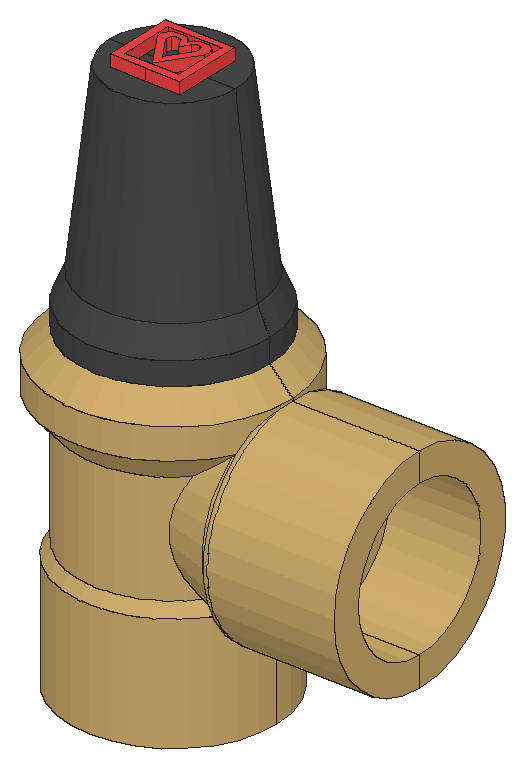
Revit family "pressure Relief safety valve 26xx", category Rohrzubehör, Revit 2018
Family settings
  Bemaßung runder Anschluss = Durchmesser verwenden
  Teiletyp = Normal
  OmniClass-Nummer = 23.65.55.14
  OmniClass-Titel = Valves for Liquid Services
  Arbeitsebenenbasiert = Nein
  Immer vertikal = Ja
  Beim Laden mit Abzugskörper schneiden = Nein
  Gemeinsam genutzt = Nein
Parameters (values of type "PN8")
  min. Temperature = 0 °C  # constant formula
  max. Temperature = 110 °C  # constant formula
  Weight [instance] = if(PN1.8, size_lookup("26XX_PN1.8", "Gewicht", 0.19, Nennweite), if(PN2.5, size_lookup("26XX_PN2.5", "Gewicht", 0.19, Nennweite), if(PN3, size_lookup("26XX_PN3", "Gewicht", 0.19, Nennweite), if(PN4, size_lookup("26XX_PN4", "Gewicht", 0.19, Nennweite), if(PN5, size_lookup("26XX_PN5", "Gewicht", 0.19, Nennweite), if(PN6, size_lookup("26XX_PN6", "Gewicht", 0.19, Nennweite), if(PN8, size_lookup("26XX_PN8", "Gewicht", 0.19, Nennweite), size_lookup("26XX_PN10", "Gewicht", 269501, Nennweite))))))))  # 0.118
  WS01 = 70.00°  # constant formula
  URL = "www.herzvalves.com"
  Spring = "spring steel W.Nr. 1.4310"  # constant formula
  SCRNSEQ = "AWI;AWI_TYP=\"1015\";2"
  SCRNCODE = "05;21;02"  # constant formula
  S03 = 10.5000 mm  # constant formula
  S02 [instance] = H02 + H05  # 47.5000 mm
  S01 = 8.0000 mm  # constant formula
  R11 = 1.0000 mm  # constant formula
  R10 [instance] = (Nennweite Aus / 2) + 3.8000 mm  # 13.8000 mm
  R09 [instance] = Nennweite Aus / 2  # 10.0000 mm
  R08 [instance] = (Nennweite / 2) + 3.5000 mm  # 11.0000 mm
  R07 [instance] = R08 - 2.8000 mm  # 8.2000 mm
  R06 [instance] = Nennweite / 2  # 7.5000 mm
  R05 [instance] = Nennweite / 2  # 7.5000 mm
  R04 [instance] = if(PN1.8, size_lookup("26XX_PN1.8", "SW", 40.0000 mm, Nennweite), if(PN2.5, size_lookup("26XX_PN2.5", "SW", 40.0000 mm, Nennweite), if(PN3, size_lookup("26XX_PN3", "SW", 40.0000 mm, Nennweite), if(PN4, size_lookup("26XX_PN4", "SW", 40.0000 mm, Nennweite), if(PN5, size_lookup("26XX_PN5", "SW", 40.0000 mm, Nennweite), if(PN6, size_lookup("26XX_PN6", "SW", 40.0000 mm, Nennweite), if(PN8, size_lookup("26XX_PN8", "SW", 40.0000 mm, Nennweite), size_lookup("26XX_PN10", "SW", 269501.0000 mm, Nennweite))))))))  # 13.5000 mm
  R03 [instance] = (Nennweite / 2) + 5.0000 mm  # 12.5000 mm
  R02 [instance] = R04 + 2.0000 mm  # 15.5000 mm
  Part number [instance] = if(PN1.8, size_lookup("26XX_PN1.8", "Artnr", 0, Nennweite), if(PN2.5, size_lookup("26XX_PN2.5", "Artnr", 0, Nennweite), if(PN3, size_lookup("26XX_PN3", "Artnr", 0, Nennweite), if(PN4, size_lookup("26XX_PN4", "Artnr", 0, Nennweite), if(PN5, size_lookup("26XX_PN5", "Artnr", 0, Nennweite), if(PN6, size_lookup("26XX_PN6", "Artnr", 0, Nennweite), if(PN8, size_lookup("26XX_PN8", "Artnr", 0, Nennweite), size_lookup("26XX_PN10", "Artnr", 0, Nennweite))))))))  # 1268501
  PN8 = yes
  PN6 = no
  PN5 = no
  PN4 = no
  PN3 = no
  PN2.5 = no
  PN10 = no
  PN1.8 = no
  Nennweite Aus [instance] = if(PN1.8, size_lookup("26XX_PN1.8", "DN1", 38.1000 mm, Nennweite), if(PN2.5, size_lookup("26XX_PN2.5", "DN1", 38.1000 mm, Nennweite), if(PN3, size_lookup("26XX_PN3", "DN1", 38.1000 mm, Nennweite), if(PN4, size_lookup("26XX_PN4", "DN1", 38.1000 mm, Nennweite), if(PN5, size_lookup("26XX_PN5", "DN1", 38.1000 mm, Nennweite), if(PN6, size_lookup("26XX_PN6", "DN1", 38.1000 mm, Nennweite), if(PN8, size_lookup("26XX_PN8", "DN1", 38.1000 mm, Nennweite), size_lookup("26XX_PN10", "DN1", 38.1000 mm, Nennweite))))))))  # 20.0000 mm
  Nennweite [instance] = 15.0000 mm
  Name plate = "plastic PA6"  # constant formula
  Medium = "water purity in accordance with the ÖNORM H 5195 and VDI 2035 standards"
  Lid = "plastic PA6 (DN15-20), CW617N (DN25-32)"  # constant formula
  LO1 [instance] = H02 + H05 - 1.0000 mm  # 46.5000 mm
  L02 [instance] = if(PN1.8, size_lookup("26XX_PN1.8", "L2", 17.5000 mm, Nennweite), if(PN2.5, size_lookup("26XX_PN2.5", "L2", 17.5000 mm, Nennweite), if(PN3, size_lookup("26XX_PN3", "L2", 17.5000 mm, Nennweite), if(PN4, size_lookup("26XX_PN4", "L2", 17.5000 mm, Nennweite), if(PN5, size_lookup("26XX_PN5", "L2", 17.5000 mm, Nennweite), if(PN6, size_lookup("26XX_PN6", "L2", 17.5000 mm, Nennweite), if(PN8, size_lookup("26XX_PN8", "L2", 17.5000 mm, Nennweite), size_lookup("26XX_PN10", "L2", 269501.0000 mm, Nennweite))))))))  # 17.5000 mm
  L01 [instance] = if(PN1.8, size_lookup("26XX_PN1.8", "L1", 12.0000 mm, Nennweite), if(PN2.5, size_lookup("26XX_PN2.5", "L1", 12.0000 mm, Nennweite), if(PN3, size_lookup("26XX_PN3", "L1", 12.0000 mm, Nennweite), if(PN4, size_lookup("26XX_PN4", "L1", 12.0000 mm, Nennweite), if(PN5, size_lookup("26XX_PN5", "L1", 12.0000 mm, Nennweite), if(PN6, size_lookup("26XX_PN6", "L1", 12.0000 mm, Nennweite), if(PN8, size_lookup("26XX_PN8", "L1", 12.0000 mm, Nennweite), size_lookup("26XX_PN10", "L1", 269501.0000 mm, Nennweite))))))))  # 12.0000 mm
  L00 [instance] = if(PN1.8, size_lookup("26XX_PN1.8", "L", 52.0000 mm, Nennweite), if(PN2.5, size_lookup("26XX_PN2.5", "L", 52.0000 mm, Nennweite), if(PN3, size_lookup("26XX_PN3", "L", 52.0000 mm, Nennweite), if(PN4, size_lookup("26XX_PN4", "L", 52.0000 mm, Nennweite), if(PN5, size_lookup("26XX_PN5", "L", 52.0000 mm, Nennweite), if(PN6, size_lookup("26XX_PN6", "L", 52.0000 mm, Nennweite), if(PN8, size_lookup("26XX_PN8", "L", 52.0000 mm, Nennweite), size_lookup("26XX_PN10", "L", 269501.0000 mm, Nennweite))))))))  # 32.0000 mm
  Internal threaded connectors = "acc. to ISO 228-1"  # constant formula
  H08 [instance] = if(PN1.8, size_lookup("26XX_PN1.8", "H8", 21.0000 mm, Nennweite), if(PN2.5, size_lookup("26XX_PN2.5", "H8", 21.0000 mm, Nennweite), if(PN3, size_lookup("26XX_PN3", "H8", 21.0000 mm, Nennweite), if(PN4, size_lookup("26XX_PN4", "H8", 21.0000 mm, Nennweite), if(PN5, size_lookup("26XX_PN5", "H8", 21.0000 mm, Nennweite), if(PN6, size_lookup("26XX_PN6", "H8", 21.0000 mm, Nennweite), if(PN8, size_lookup("26XX_PN8", "H8", 21.0000 mm, Nennweite), size_lookup("26XX_PN10", "H8", 269501.0000 mm, Nennweite))))))))  # 6.5000 mm
  H07 [instance] = if(PN1.8, size_lookup("26XX_PN1.8", "H7", 3.0000 mm, Nennweite), if(PN2.5, size_lookup("26XX_PN2.5", "H7", 3.0000 mm, Nennweite), if(PN3, size_lookup("26XX_PN3", "H7", 3.0000 mm, Nennweite), if(PN4, size_lookup("26XX_PN4", "H7", 3.0000 mm, Nennweite), if(PN5, size_lookup("26XX_PN5", "H7", 3.0000 mm, Nennweite), if(PN6, size_lookup("26XX_PN6", "H7", 3.0000 mm, Nennweite), if(PN8, size_lookup("26XX_PN8", "H7", 3.0000 mm, Nennweite), size_lookup("26XX_PN10", "H7", 269501.0000 mm, Nennweite))))))))  # 3.0000 mm
  H06 [instance] = if(PN1.8, size_lookup("26XX_PN1.8", "H6", 15.0000 mm, Nennweite), if(PN2.5, size_lookup("26XX_PN2.5", "H6", 15.0000 mm, Nennweite), if(PN3, size_lookup("26XX_PN3", "H6", 15.0000 mm, Nennweite), if(PN4, size_lookup("26XX_PN4", "H6", 15.0000 mm, Nennweite), if(PN5, size_lookup("26XX_PN5", "H6", 15.0000 mm, Nennweite), if(PN6, size_lookup("26XX_PN6", "H6", 15.0000 mm, Nennweite), if(PN8, size_lookup("26XX_PN8", "H6", 15.0000 mm, Nennweite), size_lookup("26XX_PN10", "H6", 269501.0000 mm, Nennweite))))))))  # 15.0000 mm
  H05 [instance] = if(PN1.8, size_lookup("26XX_PN1.8", "H5", 30.0000 mm, Nennweite), if(PN2.5, size_lookup("26XX_PN2.5", "H5", 30.0000 mm, Nennweite), if(PN3, size_lookup("26XX_PN3", "H5", 30.0000 mm, Nennweite), if(PN4, size_lookup("26XX_PN4", "H5", 30.0000 mm, Nennweite), if(PN5, size_lookup("26XX_PN5", "H5", 30.0000 mm, Nennweite), if(PN6, size_lookup("26XX_PN6", "H5", 30.0000 mm, Nennweite), if(PN8, size_lookup("26XX_PN8", "H5", 30.0000 mm, Nennweite), size_lookup("26XX_PN10", "H5", 269501.0000 mm, Nennweite))))))))  # 30.5000 mm
  H04 [instance] = if(PN1.8, size_lookup("26XX_PN1.8", "H4", 12.0000 mm, Nennweite), if(PN2.5, size_lookup("26XX_PN2.5", "H4", 12.0000 mm, Nennweite), if(PN3, size_lookup("26XX_PN3", "H4", 12.0000 mm, Nennweite), if(PN4, size_lookup("26XX_PN4", "H4", 12.0000 mm, Nennweite), if(PN5, size_lookup("26XX_PN5", "H4", 12.0000 mm, Nennweite), if(PN6, size_lookup("26XX_PN6", "H4", 12.0000 mm, Nennweite), if(PN8, size_lookup("26XX_PN8", "H4", 12.0000 mm, Nennweite), size_lookup("26XX_PN10", "H4", 269501.0000 mm, Nennweite))))))))  # 12.0000 mm
  H00 [instance] = if(PN1.8, size_lookup("26XX_PN1.8", "H", 72.0000 mm, Nennweite), if(PN2.5, size_lookup("26XX_PN2.5", "H", 72.0000 mm, Nennweite), if(PN3, size_lookup("26XX_PN3", "H", 72.0000 mm, Nennweite), if(PN4, size_lookup("26XX_PN4", "H", 72.0000 mm, Nennweite), if(PN5, size_lookup("26XX_PN5", "H", 72.0000 mm, Nennweite), if(PN6, size_lookup("26XX_PN6", "H", 72.0000 mm, Nennweite), if(PN8, size_lookup("26XX_PN8", "H", 72.0000 mm, Nennweite), size_lookup("26XX_PN10", "H", 269501.0000 mm, Nennweite))))))))  # 72.0000 mm
  H03 [instance] = if(PN1.8, size_lookup("26XX_PN1.8", "H3", 4.0000 mm, Nennweite), if(PN2.5, size_lookup("26XX_PN2.5", "H3", 4.0000 mm, Nennweite), if(PN3, size_lookup("26XX_PN3", "H3", 4.0000 mm, Nennweite), if(PN4, size_lookup("26XX_PN4", "H3", 4.0000 mm, Nennweite), if(PN5, size_lookup("26XX_PN5", "H3", 4.0000 mm, Nennweite), if(PN6, size_lookup("26XX_PN6", "H3", 4.0000 mm, Nennweite), if(PN8, size_lookup("26XX_PN8", "H3", 4.0000 mm, Nennweite), size_lookup("26XX_PN10", "H3", 269501.0000 mm, Nennweite))))))))  # 4.0000 mm
  H02 [instance] = H00 - (H01 + H05)  # 17.0000 mm
  H01 [instance] = if(PN1.8, size_lookup("26XX_PN1.8", "H1", 30.0000 mm, Nennweite), if(PN2.5, size_lookup("26XX_PN2.5", "H1", 30.0000 mm, Nennweite), if(PN3, size_lookup("26XX_PN3", "H1", 30.0000 mm, Nennweite), if(PN4, size_lookup("26XX_PN4", "H1", 30.0000 mm, Nennweite), if(PN5, size_lookup("26XX_PN5", "H1", 30.0000 mm, Nennweite), if(PN6, size_lookup("26XX_PN6", "H1", 30.0000 mm, Nennweite), if(PN8, size_lookup("26XX_PN8", "H1", 30.0000 mm, Nennweite), size_lookup("26XX_PN10", "H1", 24.5000 mm, Nennweite))))))))  # 24.5000 mm
  Hersteller = "Herz-Armaturen GmbH"  # constant formula
  Field of application = "HERZ pressure relief valve is used as a protective element on the central heating boilers and in closed heating systems.\r\nit protects the boiler and installation against increased pressure.\r\nopening pressure is equal to the nominal pressure."
  Diaphragm = "VMQ-Silicon 50 Sha"  # constant formula
  DN32 [instance] = Nennweite = 32.0000 mm  # no
  DN25 [instance] = Nennweite = 25.0000 mm  # no
  DN20 [instance] = Nennweite = 20.0000 mm  # no
  DN15 [instance] = Nennweite = 15.0000 mm  # yes
  Cap = "plastic PA6"  # constant formula
  Body = "forged brass acc. to EN12165, CW617N"  # constant formula
Types (9, lengths in mm): name | Weight | S02 | R10 | R09 | R08 | R07 | R06 | R05 | R04 | R03 | R02 | Part number | PN8 | PN6 | PN5 | PN4 | PN3 | PN2.5 | PN10 | PN1.8 | Nennweite Aus | Nennweite | LO1 | L00 | H08 | H05 | H00 | H02 | H01 | DN32 | DN25 | DN20 | DN15
  (no name) | 0.118 | 47.5000 | 13.8000 | 10.0000 | 11.0000 | 8.2000 | 7.5000 | 7.5000 | 13.5000 | 12.5000 | 15.5000 | 1268501 | yes | no | no | no | no | no | no | no | 20.0000 | 15.0000 | 46.5000 | 32.0000 | 6.5000 | 30.5000 | 72.0000 | 17.0000 | 24.5000 | no | no | no | yes
  PN1.8 | 0.19 | 44.7500 | 16.3000 | 12.5000 | 13.5000 | 10.7000 | 10.0000 | 10.0000 | 16.0000 | 15.0000 | 18.0000 | 1261802 | no | no | no | no | no | no | no | yes | 25.0000 | 20.0000 | 43.7500 | 35.0000 | 9.7500 | 25.0000 | 72.0000 | 19.7500 | 27.2500 | no | no | yes | no
  PN2.5 | 0.118 | 47.5000 | 13.8000 | 10.0000 | 11.0000 | 8.2000 | 7.5000 | 7.5000 | 13.5000 | 12.5000 | 15.5000 | 1261101 | no | no | no | no | no | yes | no | no | 20.0000 | 15.0000 | 46.5000 | 32.0000 | 6.5000 | 30.5000 | 72.0000 | 17.0000 | 24.5000 | no | no | no | yes
  PN3 | 0.728 | 64.2500 | 23.8000 | 20.0000 | 19.5000 | 16.7000 | 16.0000 | 16.0000 | 25.0000 | 21.0000 | 27.0000 | 1261004 | no | no | no | no | yes | no | no | no | 40.0000 | 32.0000 | 63.2500 | 52.0000 | 21.5000 | 32.7500 | 97.0000 | 31.5000 | 32.7500 | yes | no | no | no
  PN4 | 0.118 | 47.5000 | 13.8000 | 10.0000 | 11.0000 | 8.2000 | 7.5000 | 7.5000 | 13.5000 | 12.5000 | 15.5000 | 1261501 | no | no | no | yes | no | no | no | no | 20.0000 | 15.0000 | 46.5000 | 32.0000 | 6.5000 | 30.5000 | 72.0000 | 17.0000 | 24.5000 | no | no | no | yes
  PN5 | 0.54 | 67.0000 | 19.8000 | 16.0000 | 16.0000 | 13.2000 | 12.5000 | 12.5000 | 20.5000 | 17.5000 | 22.5000 | 1265703 | no | no | yes | no | no | no | no | no | 32.0000 | 25.0000 | 66.0000 | 50.0000 | 13.0000 | 44.0000 | 97.0000 | 23.0000 | 30.0000 | no | yes | no | no
  PN6 | 0.118 | 47.5000 | 13.8000 | 10.0000 | 11.0000 | 8.2000 | 7.5000 | 7.5000 | 13.5000 | 12.5000 | 15.5000 | 1261301 | no | yes | no | no | no | no | no | no | 20.0000 | 15.0000 | 46.5000 | 32.0000 | 6.5000 | 30.5000 | 72.0000 | 17.0000 | 24.5000 | no | no | no | yes
  PN8 | 0.118 | 47.5000 | 13.8000 | 10.0000 | 11.0000 | 8.2000 | 7.5000 | 7.5000 | 13.5000 | 12.5000 | 15.5000 | 1268501 | yes | no | no | no | no | no | no | no | 20.0000 | 15.0000 | 46.5000 | 32.0000 | 6.5000 | 30.5000 | 72.0000 | 17.0000 | 24.5000 | no | no | no | yes
  PN10 | 0.118 | 47.5000 | 13.8000 | 10.0000 | 11.0000 | 8.2000 | 7.5000 | 7.5000 | 13.5000 | 12.5000 | 15.5000 | 1269501 | no | no | no | no | no | no | yes | no | 20.0000 | 15.0000 | 46.5000 | 32.0000 | 6.5000 | 30.5000 | 72.0000 | 17.0000 | 24.5000 | no | no | no | yes
Reference planes
  plane 1 "Mitte (Vorne/hinten)": y = 0
  plane 2: z = 0
  plane 3 "Mitte (Links/rechts)": x = 0
Forms (mm)
  Revolve 1, solid, material "Kunststoff schwarz", detail levels fine
    sketch origin (0, 0, 0) x (1, 0, 0) y (0, 0, 1)
      loop
        line (0, 47.5) -> (-8.2, 47.5) -> (-11, 23.493) -> (-12.5, 20) -> (-12.5, 17) -> (0, 17) -> (0, 47.5)
      axis (0, 47.5) -> (0, 17)
    angle from 0 to 360
  Revolve 2, solid, material "Messing", detail levels fine
    sketch origin (0, 0, 0) x (1, 0, 0) y (0, 0, 1)
      loop
        line (-15.5, 14) -> (-15.5, 10) -> (-12.5, 6.5) -> (-12.5, -7.886) -> (-13.5, -9.5) -> (-13.5, -24.5) -> (-7.5, -24.5) -> (-7.5, -12.5) -> (0, -12.5) -> (0, 17) -> (-12.5, 17) -> (-15.5, 14)
      axis (0, 17) -> (0, -24.5)
    angle from 0 to 360
  Revolve 3, solid, material "Messing", detail levels fine
    sketch origin (18.5, 0, 0) x (1, 0, 0) y (0, 0, 1)
      loop
        line (13.5, 10) -> (13.5, 13.8) -> (-3.06, 13.8)
        arc (-3.06, 13.8) -> (-3.634, 13.619) -> (-4, 13.142) r 1
        arc (-4, 13.142) -> (-4.293, 12.435) -> (-5, 12.142) r 1
        line (-5, 12.142) -> (-18.5, 7.5) -> (-18.5, 0) -> (1.5, 0) -> (1.5, 10) -> (13.5, 10)
      axis (-18.5, 0) -> (13.5, 0)
    angle from 0 to 360
Lines and regions (mm)
  model lines, detail levels coarse+medium
    curve 1: line (0.003, 0, -0.007) -> (0.003, 0, 47.5)
    curve 2: line (0.003, 0, -0.007) -> (-13.5, 0, -24.5)
    curve 3: line (-13.5, 0, -24.5) -> (13.5, 0, -24.5)
    curve 4: line (13.5, 0, -24.5) -> (0.003, 0, -0.007)
    curve 5: line (0.003, 0, -0.007) -> (32, 0, -13.8)
    curve 6: line (32, 0, -13.8) -> (32, 0, 13.8)
    curve 7: line (32, 0, 13.8) -> (0.003, 0, -0.007)
    curve 8: line (-10.5, 0, 48.643) -> (10.5, 0, 41)
    curve 9: line (-10.5, 0, 40.643) -> (10.5, 0, 33)
    curve 10: line (-10.5, 0, 32.643) -> (10.5, 0, 25)
    curve 11: line (-10.5, 0, 24.643) -> (10.5, 0, 17)
    curve 12: line (0, 0, 0) -> (32, 13.8, 0)
    curve 13: line (32, 13.8, 0) -> (32, -13.8, 0)
    curve 14: line (32, -13.8, 0) -> (0, 0, 0)
    curve 15: line (0, 0, 0) -> (-13.5, -24.5, 0)
    curve 16: line (-13.5, -24.5, 0) -> (13.5, -24.5, 0)
    curve 17: line (13.5, -24.5, 0) -> (0, 0, 0)
    curve 18: line (0, 0, 0) -> (0, 47.5, 0)
    curve 19: line (-10.5, 48.643, 0) -> (10.5, 41, 0)
    curve 20: line (-10.5, 40.643, 0) -> (10.5, 33, 0)
    curve 21: line (-10.5, 32.643, 0) -> (10.5, 25, 0)
    curve 22: line (-10.5, 24.643, 0) -> (10.5, 17, 0)
Dimensions and locks
  "R03": Revolve 2 sketch curve to Revolve 2 sketch curve  (x2)
  "R02": Revolve 2 sketch curve to Revolve 2 sketch curve
  "R04": Revolve 2 sketch curve to Revolve 2 sketch curve
  "R05": Revolve 2 sketch curve to Revolve 2 sketch curve
  "H01": level to Revolve 2 sketch curve
  "H02": Revolve 2 sketch curve to level
  "R03": Revolve 1 sketch curve to Revolve 1 sketch curve
  "R07": Revolve 1 sketch curve to Revolve 1 sketch curve
  "R08": Revolve 1 sketch curve to Revolve 1 sketch curve
  "R06": Revolve 3 sketch curve to Revolve 3 sketch curve
  "R09": Revolve 3 sketch curve to Revolve 3 sketch curve
  "R10": Revolve 3 sketch curve to Revolve 3 sketch curve
  "L00": Revolve 3 sketch curve to Revolve 3 sketch curve
  "H05": Revolve 1 sketch curve to Revolve 1 sketch curve
  "L01": Revolve 3 sketch curve to Revolve 3 sketch curve
  "H04": Revolve 2 sketch curve to Revolve 2 sketch curve
  "L02": Revolve 3 sketch curve to Revolve 3 sketch curve
  "H06": Revolve 2 sketch curve to Revolve 2 sketch curve
  "H02": Revolve 1 sketch curve to plane 2
  "H00": Revolve 1 to Revolve 2
  "H07": Revolve 2 sketch curve to Revolve 2 sketch curve
  "H07": Revolve 1 sketch curve to Revolve 1 sketch curve
  "H08": Revolve 2 sketch curve to plane 2
  "S02": curve 1 to plane 2
  "H01": plane 2 to curve 3
  "R04": curve 4 to plane 3 "Mitte (Links/rechts)" to curve 3
  "L00": curve 6 to plane 3 "Mitte (Links/rechts)"
  "R10": curve 7 to plane 2 to curve 6
  "S03": curve 8 to plane 3 "Mitte (Links/rechts)" to curve 8
  "S01": curve 8 to curve 9
  "S01": curve 9 to curve 10
  "S01": curve 10 to curve 11
  "H02": curve 11 to plane 2
  "L00": plane 3 "Mitte (Links/rechts)" to curve 13
  "R10": curve 14 to plane 1 "Mitte (Vorne/hinten)" to curve 13
  "H01": curve 16 to plane 1 "Mitte (Vorne/hinten)"
  "R04": curve 16 to plane 3 "Mitte (Links/rechts)" to curve 17
  "S02": plane 1 "Mitte (Vorne/hinten)" to curve 18
  "S03": curve 19 to plane 3 "Mitte (Links/rechts)" to curve 19
  "S01": curve 19 to curve 20
  "S01": curve 20 to curve 21
  "S01": curve 21 to curve 22
  "H02": plane 1 "Mitte (Vorne/hinten)" to curve 22
  "S02": nested 1 to plane 2
  "R11": radius of Revolve 3 sketch curve  (x2)
  "WS01": angle plane 3 "Mitte (Links/rechts)" to curve 8
  "WS01": angle plane 3 "Mitte (Links/rechts)" to curve 9
  "WS01": angle plane 3 "Mitte (Links/rechts)" to curve 10
  "WS01": angle plane 3 "Mitte (Links/rechts)" to curve 11
  "WS01": angle plane 3 "Mitte (Links/rechts)" to curve 19
  "WS01": angle plane 3 "Mitte (Links/rechts)" to curve 20
  "WS01": angle plane 3 "Mitte (Links/rechts)" to curve 21
  "WS01": angle plane 3 "Mitte (Links/rechts)" to curve 22
  aligned and locked: level to plane 2
Automatic sketch dimensions
  plane 3 "Mitte (Links/rechts)" to curve 4 = 0.0034 mm
  curve 4 to level = 0.0072 mm
  curve 11 to plane 3 "Mitte (Links/rechts)" = 10.5000 mm
  curve 10 to curve 11 = 0.0000 mm
  curve 8 to curve 9 = 0.0000 mm
  plane 1 "Mitte (Vorne/hinten)" to curve 14 = 0.0000 mm
  curve 14 to plane 3 "Mitte (Links/rechts)" = 0.0000 mm
  curve 20 to curve 19 = 0.0000 mm
  curve 21 to curve 20 = 0.0000 mm
  curve 22 to curve 21 = 0.0000 mm
  Revolve 1 sketch curve to plane 3 "Mitte (Links/rechts)" = 0.0000 mm  (x2)
  Revolve 1 sketch curve to Revolve 1 sketch curve = 3.4935 mm
  Revolve 1 sketch curve to level = 366.0447 mm
  Revolve 1 sketch curve to Revolve 1 sketch curve = 0.0000 mm
  Revolve 2 sketch curve to plane 3 "Mitte (Links/rechts)" = 0.0000 mm  (x2)
  Revolve 2 sketch curve to Revolve 2 sketch curve = 1.6143 mm
  Revolve 2 sketch curve to Revolve 2 sketch curve = 4.0000 mm
  Revolve 2 sketch curve to Revolve 2 sketch curve = 336.0447 mm
  Revolve 2 sketch curve to Revolve 2 sketch curve = 2186.6924 mm
  Revolve 3 sketch curve to level = 0.0000 mm  (x2)
  Revolve 3 sketch curve to plane 3 "Mitte (Links/rechts)" = 0.0000 mm
  Revolve 3 sketch curve to Revolve 3 sketch curve = 0.9397 mm
  Revolve 3 sketch curve to Revolve 3 sketch curve = 1333.4903 mm
  Revolve 3 sketch curve to Revolve 3 sketch curve = 1867.4827 mm
Nested families
  nested 1: "Herz-Logo" at (0, 0, 47.5), type "Herz-Logo"
Connectors
  piping at (20, 0, 0), diameter 20, driven by "Nennweite Aus"
    settings: on Revolve 3, index 1, connector inside diameter 609.6 mm, connector length 0.0000 mm, flow factor 0, pipe flow 0.0 L/s, pressure drop 0.0 Pa, fitting loss kfactor 0, connector angle 0.00°, fixture units 0, engagement length 0.0000 mm, angle of deflection 0.00°, flow configuration 0, flow direction 2, fitting loss method 0, system type 29, joint type 0, gender type 0, connector reference index -1, connector utility 0, adjustable connector no, is connector primary yes, connector description ""
  piping at (0, 0, -12.5), diameter 15, driven by "Nennweite"
    settings: on Revolve 2, index 2, connector inside diameter 609.6 mm, connector length 0.0000 mm, flow factor 0, pipe flow 0.0 L/s, pressure drop 0.0 Pa, fitting loss kfactor 0, connector angle 0.00°, fixture units 0, engagement length 0.0000 mm, angle of deflection 0.00°, flow configuration 0, flow direction 1, fitting loss method 0, system type 29, joint type 0, gender type 0, connector reference index -1, connector utility 0, adjustable connector no, is connector primary no, connector description ""
Definition of nested family "Herz-Logo"
  Reference planes
    plane 1 "Mitte (Vorne/hinten)": y = 0
    plane 2: z = 0
    plane 3 "Mitte (Links/rechts)": x = 0
  Forms (mm)
    Extrusion 1, solid
      sketch origin (0, 0, 0) x (1, 0, 0) y (0, 1, 0)
        loop
          line (-0.018, -4.517) -> (4.482, -4.517) -> (4.482, 4.483) -> (-4.518, 4.483) -> (-4.518, -4.517) -> (-0.018, -4.517)
        loop
          line (-0.05, -3.48) -> (3.482, -3.48) -> (3.482, 3.483) -> (-3.518, 3.483) -> (-3.518, -3.48) -> (-0.05, -3.48)
        loop
          arc (-0.018, 2.383) -> (-1.543, 3.287) -> (-3.067, 2.383) r 1.738
          arc (-3.067, 2.383) -> (-3.191, 1.899) -> (-3.067, 1.415) r 1.009
          line (-3.067, 1.415) -> (-0.018, -3.281) -> (3.032, 1.415)
          arc (3.032, 1.415) -> (3.156, 1.899) -> (3.032, 2.383) r 1.009
          arc (3.032, 2.383) -> (1.507, 3.287) -> (-0.018, 2.383) r 1.738
        loop
          arc (1.885, 1.272) -> (2.005, 1.675) -> (1.885, 2.079) r 0.74
          arc (1.885, 2.079) -> (1.265, 2.416) -> (0.644, 2.079) r 0.74
          line (0.644, 2.079) -> (-0.018, 0.97) -> (-0.679, 2.079)
          arc (-0.679, 2.079) -> (-1.3, 2.416) -> (-1.921, 2.079) r 0.74
          arc (-1.921, 2.079) -> (-2.04, 1.675) -> (-1.921, 1.272) r 0.74
          line (-1.921, 1.272) -> (-0.018, -1.658) -> (1.885, 1.272)
      from 0 to 1.5
  Dimensions and locks
    aligned and locked: level to plane 2
